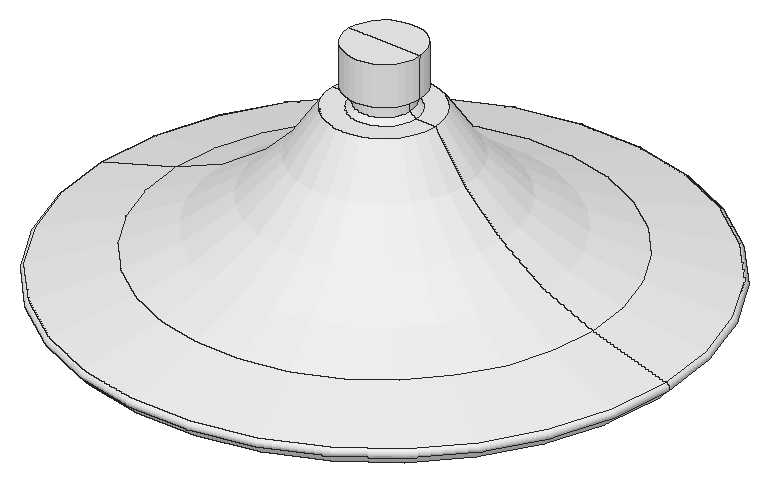
Revit family "Showerhead-American_Standard-Fluent-1660604.002", category Plumbing Fixtures, Revit 2019
Family settings
  Round Connector Dimension = Use Diameter
  Part Type = Normal
  OmniClass Number = 23.45.05.14.17
  OmniClass Title = Showers
  Work Plane-Based = No
  Always vertical = No
  Cut with Voids When Loaded = No
  Shared = Yes
  Room Calculation Point = No
Parameters (values of type "1660604.002")
  Width = 7 1/16"  # constant formula
  Waste Connection = no
  WFU = 4  # constant formula
  Vent Connection = no
  URL = "http://www.americanstandard-us.com"
  Tempered Water Connection Radius = 1/4"
  Tempered Water Connection Diameter = Tempered Water Connection Radius * 2  # 1/2"
  Tempered Water Connection = yes
  Revised Date = "11/17/2022"  # constant formula
  Product Page URL = "https://www.americanstandard-us.com/Showerheads/Fluent-7-Inch-25-gpm-95-L-min-Fixed-Showerhead/CHROME-1660604002"
  Product Documentation Link = "https://americanstandard.box.com/shared/static/iofo9y58nwkbmu0vzt3b8toedl1c8m6m.pdf"
  Model = "1660604.002"
  Material = "Brass-American Standard-002-Polished Chrome"
  Manufacturer = "American Standard"
  Height = 3 5/32"  # constant formula
  HWFU = 3  # constant formula
  HW Connection = no
  Flow Rate = "2.5 gpm/9.5 L/min"
  Finish = Brass-American Standard-002-Polished Chrome
  Description = "Fluent® 7-Inch 2.5 gpm/9.5 L/min Fixed Showerhead"  # constant formula
  CWFU = 3  # constant formula
  CW Connection = no
  Assembly Code = "D2010700"
  1660241 - Modern Shower Arm and Flange = no
  1660240 - Standard Shower Arm and Flange = no
Reference planes (in)
  plane 1 "Center (Front/Back)": y = 0
  plane 2: z = 0
  plane 3 "Center (Left/Right)": x = 0
  plane 4: y = 3.90625
  plane 5: y = -3.90625
  plane 6: x = -3.53125
  plane 7: x = 3.53125
  plane 8: z = -3.15625
Forms (in)
  Revolve 1, solid, material "Brass-American Standard-002-Polished Chrome" <- "Finish"
    sketch origin (0, 0, 0) x (1, 0, 0) y (0, 0, 1)
      loop
        line (0, 0) -> (-0.4394, 0) -> (-0.4394, -0.47299) -> (-0.31991, -0.51648) -> (-0.31991, -0.64964) -> (-0.38297, -0.7127) -> (-0.63297, -0.7127)
        arc (-0.63297, -0.7127) -> (-1.45234, -1.68713) -> (-2.57583, -2.286) r 3.35408
        arc (-2.57583, -2.286) -> (-3.02372, -2.41918) -> (-3.47412, -2.54358) r 23.92681
        arc (-3.47412, -2.54358) -> (-3.51263, -2.59366) -> (-3.47412, -2.64374) r 0.05182
        arc (-3.47412, -2.64374) -> (-3.41908, -2.71465) -> (-3.34817, -2.76969) r 0.35909
        arc (-3.34817, -2.76969) -> (-3.17861, -2.86675) -> (-3.00625, -2.95872) r 6.56974
        arc (-3.00625, -2.95872) -> (-1.50607, -3.09987) -> (0, -3.14698) r 24.09722
        line (0, -3.14698) -> (0, 0)
      axis (0, 0) -> (0, -3.14698)
    angle from 0 to 360
  Extrusion 2, solid, material "Rubber-American Standard-Grey"
    sketch origin (0, 0, 0) x (1, 0, 0) y (0, 1, 0)
      loop
        circle (0, 2.6625) r 0.09083
      loop
        circle (0, -2.6625) r 0.09083
      loop
        circle (2.5407, 0.79607) r 0.09083
      loop
        circle (-2.5407, -0.79607) r 0.09083
      loop
        circle (2.6625, 0) r 0.09083
      loop
        circle (-2.6625, 0) r 0.09083
      loop
        circle (2.5407, -0.79607) r 0.09083
      loop
        circle (-2.5407, 0.79607) r 0.09083
      loop
        circle (0.79607, -2.5407) r 0.09083
      loop
        circle (-0.79607, 2.5407) r 0.09083
      loop
        circle (-0.79607, -2.5407) r 0.09083
      loop
        circle (0.79607, 2.5407) r 0.09083
      loop
        circle (-1.5193, -2.18646) r 0.09083
      loop
        circle (1.5193, 2.18646) r 0.09083
      loop
        circle (1.5193, -2.18646) r 0.09083
      loop
        circle (-1.5193, 2.18646) r 0.09083
      loop
        circle (2.10354, -1.63218) r 0.09083
      loop
        circle (-2.10354, 1.63218) r 0.09083
      loop
        circle (-2.10354, -1.63218) r 0.09083
      loop
        circle (2.10354, 1.63218) r 0.09083
    from -3.03131 to -2.95872
  Extrusion 3, solid, material "Rubber-American Standard-Grey"
    sketch origin (0, 0, 0) x (1, 0, 0) y (0, 1, 0)
      loop
        circle (0.33829, 2.13587) r 0.09083
      loop
        circle (-0.33829, 2.13587) r 0.09083
      loop
        circle (0.33829, -2.13587) r 0.09083
      loop
        circle (-0.33829, -2.13587) r 0.09083
      loop
        circle (2.13587, -0.33829) r 0.09083
      loop
        circle (2.13587, 0.33829) r 0.09083
      loop
        circle (-2.13587, -0.33829) r 0.09083
      loop
        circle (-2.13587, 0.33829) r 0.09083
      loop
        circle (0.94099, -1.94703) r 0.09083
      loop
        circle (1.4966, -1.56095) r 0.09083
      loop
        circle (-1.4966, 1.56095) r 0.09083
      loop
        circle (-0.94099, 1.94703) r 0.09083
      loop
        circle (-0.94099, -1.94703) r 0.09083
      loop
        circle (-1.4966, -1.56095) r 0.09083
      loop
        circle (1.4966, 1.56095) r 0.09083
      loop
        circle (0.94099, 1.94703) r 0.09083
      loop
        circle (-1.89485, 1.04207) r 0.09083
      loop
        circle (1.89485, -1.04207) r 0.09083
      loop
        circle (1.89485, 1.04207) r 0.09083
      loop
        circle (-1.89485, -1.04207) r 0.09083
    from -3.06837 to -2.95872
  Extrusion 4, solid, material "Rubber-American Standard-Grey"
    sketch origin (0, 0, 0) x (1, 0, 0) y (0, 1, 0)
      loop
        circle (0.50879, 1.62385) r 0.09083
      loop
        circle (-0.50879, -1.62385) r 0.09083
      loop
        circle (0, 1.70169) r 0.09083
      loop
        circle (0, -1.70169) r 0.09083
      loop
        circle (-0.50879, 1.62385) r 0.09083
      loop
        circle (0.50879, -1.62385) r 0.09083
      loop
        circle (1.62385, -0.50879) r 0.09083
      loop
        circle (-1.62385, 0.50879) r 0.09083
      loop
        circle (1.70169, 0) r 0.09083
      loop
        circle (-1.70169, 0) r 0.09083
      loop
        circle (1.62385, 0.50879) r 0.09083
      loop
        circle (-1.62385, -0.50879) r 0.09083
      loop
        circle (-0.97104, 1.39744) r 0.09083
      loop
        circle (0.97104, -1.39744) r 0.09083
      loop
        circle (-1.34444, 1.04318) r 0.09083
      loop
        circle (1.34444, -1.04318) r 0.09083
      loop
        circle (0.97104, 1.39744) r 0.09083
      loop
        circle (-0.97104, -1.39744) r 0.09083
      loop
        circle (1.34444, 1.04318) r 0.09083
      loop
        circle (-1.34444, -1.04318) r 0.09083
    from -3.10877 to -2.95872
  Extrusion 5, solid, material "Rubber-American Standard-Grey"
    sketch origin (0, 0, 0) x (1, 0, 0) y (0, 1, 0)
      loop
        circle (-1.22216, 0.17718) r 0.09083
      loop
        circle (-1.0742, -0.60924) r 0.09083
      loop
        circle (-0.85697, 0.8892) r 0.09083
      loop
        circle (-0.13196, 1.22787) r 0.09083
      loop
        circle (0.64846, 1.05099) r 0.09083
      loop
        circle (1.15661, 0.43283) r 0.09083
      loop
        circle (1.17913, -0.36707) r 0.09083
      loop
        circle (0.70656, -1.01284) r 0.09083
      loop
        circle (-0.27589, -1.20373) r 0.09083
    from -3.14044 to -2.95872
  Extrusion 6, solid, material "Rubber-American Standard-Grey"
    sketch origin (0, 0, 0) x (1, 0, 0) y (0, 1, 0)
      loop
        circle (0, 0.56316) r 0.09083
      loop
        circle (0.44494, 0.34523) r 0.09083
      loop
        circle (-0.44494, 0.34523) r 0.09083
      loop
        circle (0, -0.56316) r 0.09083
      loop
        circle (0.44494, -0.34523) r 0.09083
      loop
        circle (-0.44494, -0.34523) r 0.09083
      loop
        circle (0.56316, 0) r 0.09083
      loop
        circle (-0.56316, 0) r 0.09083
    from -3.15078 to -2.95872
Lines and regions (in)
  Masking region 1
    outline origin (0, 0, 0) x (1, 0, 0) y (0, 1, 0)
      loop
        circle (0, 0) r 3.51573
  symbolic lines, detail levels medium+fine
    curve 1: arc (-0.63297, 0, 0) -> (0, -0.63297, 0) -> (0.63297, 0, 0) r 0.63297
    curve 2: arc (0.63297, 0, 0) -> (0, 0.63297, 0) -> (-0.63297, 0, 0) r 0.63297
    curve 3: arc (-0.4394, 0, 0) -> (0, 0.4394, 0) -> (0.4394, 0, 0) r 0.4394
    curve 4: arc (0.4394, 0, 0) -> (0, -0.4394, 0) -> (-0.4394, 0, 0) r 0.4394
Dimensions and locks (in)
  equal spacing: plane 4, plane 1 "Center (Front/Back)", plane 5
  plane 4 to plane 5 = 7 13/16"
  level to plane 8 = 3 5/32"
  plane 7 to plane 6 = 7 1/16"
Automatic sketch dimensions
  Revolve 1 sketch curve to level = 0"
  Revolve 1 sketch curve to plane 3 "Center (Left/Right)" = 0"  (x3)
  Revolve 1 sketch curve to plane 3 "Center (Left/Right)" = 0.31991"
  Revolve 1 sketch curve to Revolve 1 sketch curve = 0.06306"  (x2)
  Revolve 1 sketch curve to Revolve 1 sketch curve = 0.11949"
  Revolve 1 sketch curve to Revolve 1 sketch curve = 1/4"
  Revolve 1 sketch curve to Revolve 1 sketch curve = 2.5322"
  Revolve 1 sketch curve to Revolve 1 sketch curve = 0.29565"
  level to Revolve 1 sketch curve = 0.91947"
  Revolve 1 sketch curve to Revolve 1 sketch curve = 3.12373"
  Revolve 1 sketch curve to plane 3 "Center (Left/Right)" = 9.61884"
  Revolve 1 sketch curve to level = 0.47299"
  Revolve 1 sketch curve to Revolve 1 sketch curve = 0.04349"
  Revolve 1 sketch curve to Revolve 1 sketch curve = 0.13317"
  Revolve 1 sketch curve to level = 2.46074"
  Revolve 1 sketch curve to Revolve 1 sketch curve = 0.13292"
  Revolve 1 sketch curve to Revolve 1 sketch curve = 2.43428"
  Revolve 1 sketch curve to Revolve 1 sketch curve = 2.88285"
  Revolve 1 sketch curve to Revolve 1 sketch curve = 17.6979"
  Revolve 1 sketch curve to Revolve 1 sketch curve = 0.36949"
  Revolve 1 sketch curve to Revolve 1 sketch curve = 0"  (x2)
  Revolve 1 sketch curve to Revolve 1 sketch curve = 0.15892"
  Revolve 1 sketch curve to Revolve 1 sketch curve = 0.01331"
  Revolve 1 sketch curve to level = 0.24469"
  Revolve 1 sketch curve to Revolve 1 sketch curve = 0.31333"
  plane 1 "Center (Front/Back)" to Extrusion 2 sketch curve = 0"  (x2)
  Extrusion 2 sketch curve to plane 3 "Center (Left/Right)" = 0"  (x2)
  Extrusion 2 sketch curve to plane 3 "Center (Left/Right)" = 0.79607"  (x2)
  Extrusion 2 sketch curve to Extrusion 2 sketch curve = 0.72324"  (x4)
  Extrusion 2 sketch curve to Extrusion 2 sketch curve = 0.58424"  (x4)
  Extrusion 2 sketch curve to Extrusion 2 sketch curve = 0.43716"  (x4)
  Extrusion 2 sketch curve to Extrusion 2 sketch curve = 0.1218"  (x4)
  plane 3 "Center (Left/Right)" to Extrusion 2 sketch curve = 0.79607"  (x2)
  plane 1 "Center (Front/Back)" to Extrusion 2 sketch curve = 0.79607"  (x2)
  Extrusion 2 sketch curve to Extrusion 2 sketch curve = 0.83611"  (x4)
  Extrusion 2 sketch curve to Extrusion 2 sketch curve = 0.55428"  (x4)
  Extrusion 2 sketch curve to Extrusion 2 sketch curve = 0.35424"  (x4)
  Extrusion 2 sketch curve to plane 1 "Center (Front/Back)" = 0.79607"  (x2)
  Extrusion 3 sketch curve to Extrusion 3 sketch curve = 0"  (x42)
  Extrusion 3 sketch curve to plane 1 "Center (Front/Back)" = 0.33829"  (x2)
  Extrusion 3 sketch curve to plane 3 "Center (Left/Right)" = 2.13587"
  plane 1 "Center (Front/Back)" to Extrusion 3 sketch curve = 0.33829"  (x2)
  Extrusion 3 sketch curve to Extrusion 3 sketch curve = 0.24102"  (x3)
  Extrusion 3 sketch curve to Extrusion 3 sketch curve = 0.39825"  (x4)
  Extrusion 3 sketch curve to Extrusion 3 sketch curve = 0.55561"  (x4)
  Extrusion 3 sketch curve to plane 3 "Center (Left/Right)" = 0.33829"  (x2)
  plane 3 "Center (Left/Right)" to Extrusion 3 sketch curve = 0.33829"  (x2)
  Extrusion 3 sketch curve to Extrusion 3 sketch curve = 0.6027"  (x2)
  Extrusion 3 sketch curve to Extrusion 3 sketch curve = 0.70379"  (x4)
  Extrusion 3 sketch curve to Extrusion 3 sketch curve = 0.51888"  (x4)
  Extrusion 3 sketch curve to Extrusion 3 sketch curve = 0.38608"  (x4)
  Extrusion 3 sketch curve to Extrusion 3 sketch curve = 0.18884"  (x4)
  Extrusion 3 sketch curve to Extrusion 3 sketch curve = 0.01421"  (x12)
  Extrusion 3 sketch curve to Extrusion 3 sketch curve = 0.04377"  (x8)
  Extrusion 3 sketch curve to Extrusion 3 sketch curve = 0.06556"  (x8)
  Extrusion 3 sketch curve to Extrusion 3 sketch curve = 0.08178"  (x8)
  Extrusion 3 sketch curve to Extrusion 3 sketch curve = 0.08971"  (x12)
  Extrusion 3 sketch curve to Extrusion 3 sketch curve = 0.07958"  (x4)
  Extrusion 3 sketch curve to Extrusion 3 sketch curve = 0.06286"  (x4)
  Extrusion 3 sketch curve to Extrusion 3 sketch curve = 0.03952"  (x4)
  plane 1 "Center (Front/Back)" to Extrusion 4 sketch curve = 0"  (x2)
  Extrusion 4 sketch curve to plane 3 "Center (Left/Right)" = 0"  (x2)
  Extrusion 4 sketch curve to plane 3 "Center (Left/Right)" = 0.50879"  (x2)
  Extrusion 4 sketch curve to Extrusion 4 sketch curve = 0.46225"  (x4)
  Extrusion 4 sketch curve to Extrusion 4 sketch curve = 0.37341"  (x4)
  Extrusion 4 sketch curve to Extrusion 4 sketch curve = 0.2794"  (x4)
  Extrusion 4 sketch curve to Extrusion 4 sketch curve = 0.07784"  (x4)
  plane 3 "Center (Left/Right)" to Extrusion 4 sketch curve = 0.50879"  (x2)
  plane 1 "Center (Front/Back)" to Extrusion 4 sketch curve = 0.50879"  (x2)
  Extrusion 4 sketch curve to Extrusion 4 sketch curve = 0.53439"  (x4)
  Extrusion 4 sketch curve to Extrusion 4 sketch curve = 0.35426"  (x4)
  Extrusion 4 sketch curve to Extrusion 4 sketch curve = 0.22641"  (x4)
  Extrusion 4 sketch curve to plane 1 "Center (Front/Back)" = 0.50879"  (x2)
  Extrusion 5 sketch curve to plane 1 "Center (Front/Back)" = 0.17718"
  Extrusion 5 sketch curve to plane 3 "Center (Left/Right)" = 1.22216"
  Extrusion 5 sketch curve to Extrusion 5 sketch curve = 0.14796"
  Extrusion 5 sketch curve to Extrusion 5 sketch curve = 0.36519"
  Extrusion 5 sketch curve to plane 3 "Center (Left/Right)" = 0.27589"
  Extrusion 5 sketch curve to plane 3 "Center (Left/Right)" = 0.13196"
  plane 3 "Center (Left/Right)" to Extrusion 5 sketch curve = 0.64846"
  plane 3 "Center (Left/Right)" to Extrusion 5 sketch curve = 0.70656"
  Extrusion 5 sketch curve to Extrusion 5 sketch curve = 0.50815"
  plane 1 "Center (Front/Back)" to Extrusion 5 sketch curve = 0.36707"
  Extrusion 5 sketch curve to Extrusion 5 sketch curve = 0.02252"
  plane 1 "Center (Front/Back)" to Extrusion 5 sketch curve = 0.60924"
  Extrusion 5 sketch curve to Extrusion 5 sketch curve = 0.64577"
  Extrusion 5 sketch curve to Extrusion 5 sketch curve = 0.59449"
  Extrusion 5 sketch curve to plane 1 "Center (Front/Back)" = 0.43283"
  Extrusion 5 sketch curve to Extrusion 5 sketch curve = 0.71202"
  Extrusion 5 sketch curve to Extrusion 5 sketch curve = 0.61816"
  Extrusion 5 sketch curve to Extrusion 5 sketch curve = 0.33867"
  plane 1 "Center (Front/Back)" to Extrusion 6 sketch curve = 0"  (x2)
  Extrusion 6 sketch curve to plane 3 "Center (Left/Right)" = 0"  (x2)
  Extrusion 6 sketch curve to plane 3 "Center (Left/Right)" = 0.44494"  (x2)
  Extrusion 6 sketch curve to Extrusion 6 sketch curve = 0.11823"  (x2)
  plane 3 "Center (Left/Right)" to Extrusion 6 sketch curve = 0.44494"  (x2)
  plane 1 "Center (Front/Back)" to Extrusion 6 sketch curve = 0.34523"  (x2)
  Extrusion 6 sketch curve to Extrusion 6 sketch curve = 0.21793"  (x2)
  Extrusion 6 sketch curve to plane 1 "Center (Front/Back)" = 0.34523"  (x2)
  plane 1 "Center (Front/Back)" to curve 1 = 0"
  curve 2 to plane 3 "Center (Left/Right)" = 0"
  curve 2 to curve 1 = 0.63297"
  curve 1 to curve 3 = 0"  (x2)
  curve 2 to curve 3 = 0.19357"
  Masking region 1 sketch curve to Masking region 1 sketch curve = 0"  (x2)
  plane 1 "Center (Front/Back)" to Masking region 1 sketch curve = 0"
  Masking region 1 sketch curve to plane 3 "Center (Left/Right)" = 0"
  plane 6 to Masking region 1 sketch curve = 0.01552"
  radius of Extrusion 2 sketch curve = 0.09083"  (x20)
  radius of Extrusion 4 sketch curve = 0.09083"  (x20)
  radius of Extrusion 5 sketch curve = 0.09083"  (x9)
  radius of Extrusion 6 sketch curve = 0.09083"  (x8)
Connectors (in)
  piping at (0, 0, 0), diameter 0.5, driven by "Tempered Water Connection Diameter"
    settings: on Revolve 1, index 1, connector inside diameter 24", connector length 0", flow factor 0, pipe flow 0 GPM, pressure drop 0.00 psi, fitting loss kfactor 0, connector angle 0.00°, fixture units 0, engagement length 0", angle of deflection 0.00°, flow configuration 0, flow direction 1, fitting loss method 0, system type 29, joint type 0, gender type 0, connector reference index -1, connector utility 0, adjustable connector no, is connector primary yes, connector description "1/2\" Supply Inlet Connection"
